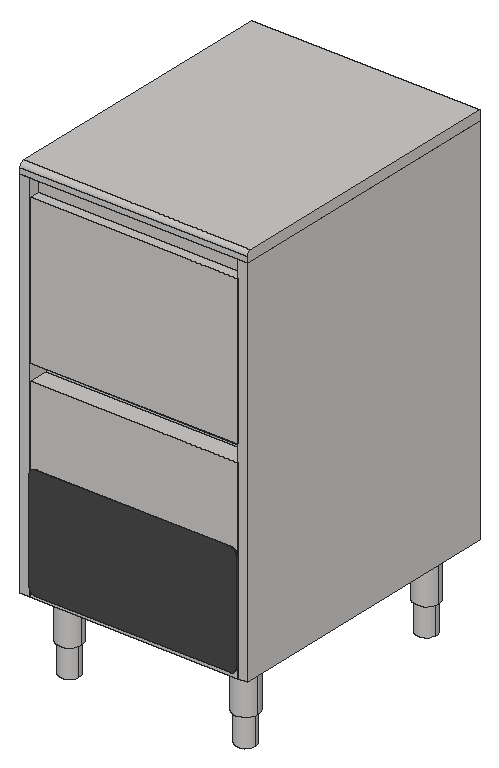
Revit family "QF_ZANUSSI_730331_ICC38I20SNP", category Attrezzature speciali, Revit 2018
Family settings
  Quota connettore circolare = Usa diametro
  Tipo di parte = Normale
  Basato su piano di lavoro = No
  Sempre verticale = Sì
  Taglio con vuoti quando caricato = No
  Condiviso = No
  Punto di calcolo locali = No
Parameters (values of type "Standard")
  Weight = 45.00 kg
  Watts = 0 W
  Volts = 220 V
  URL Manufacturer = "http://www.zanussiprofessional.com"
  URL = "http://www.zanussiprofessional.com"
  Steam Supply Size = 0 mm
  Steam Supply Minimum Pressure = 0.0 Pa
  Steam Supply Maximum Pressure = 0.0 Pa
  Steam Pounds per Hour = 0
  Show Logo [instance] = yes
  Show Clearance [instance] = yes
  Refrigeration Suction Line Size = 0 mm
  Refrigeration Liquid Line Size = 0 mm
  Refrigerant Compressor Remote = yes
  Produttore = "Zanussi"
  Phase = 1
  Modello = "ICC38I20SNP"
  Length Actual = 465 mm  # constant formula
  Item Number = "730331"
  Hot Water Size = 0 mm
  Height Actual = 894 mm  # constant formula
  HP = "0 HP"
  Gas Size = 0 mm
  Gas KW = 0
  Gas Input Pressure = 0 W
  Descrizione = "WATER COOLED ICE CUBER 40GR 38KG/24H-BIN 20KG"
  Depth Actual = 595 mm  # constant formula
  Cycle = 50 Hz
  Condensate Return Size = 0 mm
  Compressed Air Volume = 0.0 L/s
  Compressed Air Size = 0 mm
  Compressed Air Pressure = 0.0 Pa
  Cold Water Size = 19.05 mm
  Accessory = yes
Reference planes
  plane 1 "Center X": y = 272.851
  plane 2: z = 0
  plane 3 "Center Y": x = -501.5
  plane 4 "LEFT": x = -734
  plane 5 "RIGHT": x = -269
  plane 6 "FRONT": y = -24.149
  plane 7 "BACK": y = 569.851
  plane 8: z = 155
  plane 9: z = 944
  plane 10: z = 924
  plane 11: x = -714
  plane 12: x = -289
  plane 13: y = 15.851
Forms (mm)
  Extrusion 1, solid, material "QF_Finishes_Black"
    sketch origin (-217.296, -24.149, 371.513) x (-1, 0, 0) y (0, 0, -1)
      loop
        arc (481.704, -21.487) -> (492.311, -17.093) -> (496.704, -6.487) r 15
        line (496.704, -6.487) -> (496.704, 194.469)
        arc (496.704, 194.469) -> (492.311, 205.075) -> (481.704, 209.469) r 15
        line (481.704, 209.469) -> (86.704, 209.469)
        arc (86.704, 209.469) -> (76.097, 205.075) -> (71.704, 194.469) r 15
        line (71.704, 194.469) -> (71.704, -6.487)
        arc (71.704, -6.487) -> (76.097, -17.093) -> (86.704, -21.487) r 15
        line (86.704, -21.487) -> (481.704, -21.487)
    from 0 to 2
  Extrusion 2, solid, material "QF_Finishes_Stainless Steel"
    sketch origin (-501.5, 0, 0) x (0, 1, 0) y (0, 0, 1)
      loop
        line (569.851, 924) -> (569.851, 944) -> (-14.149, 944)
        arc (-14.149, 944) -> (-21.22, 941.071) -> (-24.149, 934) r 10
        line (-24.149, 934) -> (-24.149, 924) -> (569.851, 924)
    from -232.5 to 232.5
  Extrusion 3, solid, material "QF_Finishes_Stainless Steel"
    sketch origin (-321.2, 569.851, -329.545) x (1, 0, 0) y (0, 0, -1)
      loop
        circle (-16.8, -655.545) r 10
    from 0 to 10
  Extrusion 4, solid, material "QF_Finishes_Stainless Steel"
    sketch origin (0, 0, 0) x (1, 0, 0) y (0, 1, 0)
      loop
        line (-734, 569.851) -> (-734, -24.149) -> (-714, -24.149) -> (-714, 569.851) -> (-734, 569.851)
    from 155 to 924
  Extrusion 5, solid, material "QF_Finishes_Stainless Steel"
    sketch origin (0, 0, 0) x (1, 0, 0) y (0, 1, 0)
      loop
        line (-289, 569.851) -> (-289, -24.149) -> (-269, -24.149) -> (-269, 569.851) -> (-289, 569.851)
    from 155 to 924
  Extrusion 6, solid, material "QF_Finishes_Stainless Steel"
    sketch origin (0, 0, 0) x (1, 0, 0) y (0, 1, 0)
      loop
        line (-714, 569.851) -> (-714, 15.851) -> (-289, 15.851) -> (-289, 569.851) -> (-714, 569.851)
    from 155 to 924
  Extrusion 7, solid, material "QF_Finishes_Stainless Steel"
    sketch origin (0, 0, 0) x (1, 0, 0) y (0, 1, 0)
      loop
        line (-714, -24.149) -> (-289, -24.149) -> (-289, 15.851) -> (-714, 15.851) -> (-714, -24.149)
    from 155 to 550.848
  Extrusion 8, solid, material "QF_Finishes_Stainless Steel"
    sketch origin (-501.5, 0, 0) x (0, 1, 0) y (0, 0, 1)
      loop
        line (15.851, 924) -> (-4.149, 924) -> (-4.149, 888) -> (-24.149, 888) -> (-24.149, 584.768) -> (-4.149, 584.768) -> (-4.149, 569) -> (15.851, 569) -> (15.851, 924)
    from -212.5 to 212.5
  Extrusion 9, solid, material "QF_Finishes_Stainless Steel"
    sketch origin (-303.2, 569.851, -440.545) x (1, 0, 0) y (0, 0, -1)
      loop
        circle (-16.8, -655.545) r 10
    from 0 to 10
  Extrusion 10, solid, material "QF_Finishes_Stainless Steel"
    sketch origin (-363.2, 569.851, -361.545) x (1, 0, 0) y (0, 0, -1)
      loop
        circle (-16.8, -655.545) r 10
    from 0 to 10
Lines and regions (mm)
  Split face 1
    outline origin (-501.5, -4.149, 924) x (0, 0, -1) y (1, 0, 0)
      loop
        line (5.715, 89.928) -> (30.715, 89.928) -> (30.715, 129.928) -> (5.715, 129.928) -> (5.715, 89.928)
  symbolic lines
    curve 1: line (-734, 569.851, 0) -> (-269, 569.851, 0)
    curve 2: line (-734, -24.149, 0) -> (-734, 569.851, 0)
    curve 3: line (-269, -24.149, 0) -> (-734, -24.149, 0)
    curve 4: line (-269, 569.851, 0) -> (-269, -24.149, 0)
Dimensions and locks
  equal spacing: plane 4 "LEFT", plane 3 "Center Y", plane 5 "RIGHT"
  plane 4 "LEFT" to plane 5 "RIGHT" = 465 mm
  equal spacing: plane 7 "BACK", plane 1 "Center X", plane 6 "FRONT"
  plane 7 "BACK" to plane 6 "FRONT" = 594 mm
  plane 8 to plane 2 = 155 mm
  plane 9 to plane 8 = 789 mm
  locked: plane 4 "LEFT" to plane 11 at 20
  locked: plane 12 to plane 5 "RIGHT" at 20
  locked: plane 9 to plane 10 at 20
  locked: plane 13 to plane 6 "FRONT" at 40
  aligned and locked: level to plane 2
  aligned and locked: plane 5 "RIGHT" to Extrusion 2
  aligned and locked: Extrusion 2 to plane 4 "LEFT"
  aligned and locked: Extrusion 4 sketch curve to Extrusion 2  (x2)
  aligned and locked: plane 6 "FRONT" to Extrusion 4 sketch curve
  aligned and locked: Extrusion 4 sketch curve to plane 11
  aligned and locked: Extrusion 5 sketch curve to plane 7 "BACK"
  aligned and locked: plane 12 to Extrusion 5 sketch curve
  aligned and locked: Extrusion 5 sketch curve to Extrusion 2  (x2)
  aligned and locked: plane 10 to Extrusion 4
  aligned and locked: plane 10 to Extrusion 5
  aligned and locked: Extrusion 4 to plane 8
  aligned and locked: Extrusion 5 to plane 8
  aligned and locked: Extrusion 6 sketch curve to Extrusion 4
  aligned and locked: Extrusion 4 to Extrusion 6 sketch curve
  aligned and locked: plane 13 to Extrusion 6 sketch curve
  aligned and locked: Extrusion 6 sketch curve to plane 12
  aligned and locked: plane 10 to Extrusion 6
  aligned and locked: Extrusion 6 to plane 8
  aligned and locked: Extrusion 4 to Extrusion 7 sketch curve
  aligned and locked: Extrusion 7 sketch curve to Extrusion 4
  aligned and locked: plane 13 to Extrusion 7 sketch curve
  aligned and locked: plane 12 to Extrusion 7 sketch curve
  aligned and locked: Extrusion 7 to plane 8
  aligned and locked: plane 12 to Extrusion 8
  aligned and locked: Extrusion 8 to plane 11
Automatic sketch dimensions
  curve 3 to plane 4 "LEFT" = 0 mm
  curve 3 to plane 5 "RIGHT" = 0 mm
  curve 3 to plane 6 "FRONT" = 0 mm
  curve 2 to plane 7 "BACK" = 0 mm
  Extrusion 1 sketch curve to plane 12 = 0 mm
  plane 8 to Extrusion 1 sketch curve = 7.044 mm
  Extrusion 1 sketch curve to Extrusion 1 sketch curve = 15 mm  (x3)
  plane 11 to Extrusion 1 sketch curve = 15 mm  (x2)
  Extrusion 1 sketch curve to Extrusion 1 sketch curve = 200.956 mm
  Extrusion 2 sketch curve to plane 6 "FRONT" = 0 mm
  Extrusion 2 sketch curve to plane 9 = 0 mm
  Extrusion 2 sketch curve to plane 7 "BACK" = 0 mm
  Extrusion 2 sketch curve to plane 10 = 0 mm
  plane 6 "FRONT" to Extrusion 2 sketch curve = 10 mm
  Extrusion 6 to Extrusion 3 sketch curve = 171 mm
  Extrusion 3 sketch curve to Extrusion 6 = 49 mm
  Extrusion 8 sketch curve to plane 6 "FRONT" = 0 mm
  Extrusion 8 sketch curve to plane 10 = 0 mm
  Extrusion 8 sketch curve to plane 13 = 0 mm
  plane 6 "FRONT" to Extrusion 8 sketch curve = 20 mm  (x2)
  Extrusion 8 sketch curve to plane 10 = 36 mm
  Extrusion 8 sketch curve to Extrusion 8 sketch curve = 303.232 mm
  Extrusion 8 sketch curve to Extrusion 8 sketch curve = 15.768 mm
  Split face 1 sketch curve to Extrusion 8 = 5.715 mm
  Extrusion 8 to Split face 1 sketch curve = 5.285 mm
  Split face 1 sketch curve to Extrusion 8 = 122.572 mm
  Split face 1 sketch curve to Split face 1 sketch curve = 40 mm
  Extrusion 9 sketch curve to Extrusion 6 = 31 mm
  Extrusion 6 to Extrusion 9 sketch curve = 60 mm
  Extrusion 10 sketch curve to Extrusion 6 = 91 mm
  Extrusion 6 to Extrusion 10 sketch curve = 139 mm
  radius of Extrusion 3 sketch curve = 10 mm
  radius of Extrusion 9 sketch curve = 10 mm
  radius of Extrusion 10 sketch curve = 10 mm
Nested families
  nested 1: "Foot_Complete" at (-682, 36.851, 0), type "Foot_Complete"
    with H 155 mm
  nested 2: "Foot_Complete" at (-321, 36.851, 0) x (-1, 0, 0) z (0, 0, 1), type "Foot_Complete"
    with H 155 mm
  nested 3: "Foot_Complete" at (-682, 498.851, 0), type "Foot_Complete"
    with H 155 mm
  nested 4: "Foot_Complete" at (-321, 498.851, 0) x (-1, 0, 0) z (0, 0, 1), type "Foot_Complete"
    with H 155 mm
Connectors
  electrical at (-320, 579.851, 215), driven by "Volts"
    settings: on Extrusion 9, index 1, voltage 220 V, apparent load 0 VA, apparent load phase1 0 VA, apparent load phase2 0 VA, apparent load phase3 0 VA, power factor 1, load classification "Altro", number of poles 1, system type 30, power factor state 1, is connector primary yes, connector utility no, sub classification motor no, connector description "Electrical Connection"
  piping at (-338, 579.851, 326), diameter 20
    settings: on Extrusion 3, index 2, connector inside diameter 609.6 mm, connector length 0 mm, flow factor 0, pipe flow 0.0 L/s, pressure drop 0.0 Pa, fitting loss kfactor 0, connector angle 0.00°, fixture units 0, engagement length 0 mm, angle of deflection 0.00°, flow configuration 0, flow direction 0, fitting loss method 0, system type 20, joint type 0, gender type 0, connector reference index -1, connector utility 0, adjustable connector no, is connector primary yes, connector description "Cold water"
  piping at (-380, 579.851, 294), diameter 20
    settings: on Extrusion 10, index 3, connector inside diameter 609.6 mm, connector length 0 mm, flow factor 0, pipe flow 0.0 L/s, pressure drop 0.0 Pa, fitting loss kfactor 0, connector angle 0.00°, fixture units 0, engagement length 0 mm, angle of deflection 0.00°, flow configuration 0, flow direction 0, fitting loss method 0, system type 16, joint type 0, gender type 0, connector reference index -1, connector utility 0, adjustable connector no, is connector primary no, connector description "Drain"
Definition of nested family "Foot_Complete"
  Parameters (values of type "Foot_Complete")
    R = 25 mm
    H = 153 mm
  Reference planes
    plane 1 "Centro (Fronte/Retro)": y = 0
    plane 2: z = 0
    plane 3 "Centro (Sinistra/Destra)": x = 0
    plane 4: z = 153
  Forms (mm)
    Revolve 1, solid
      sketch origin (255.05, 0, 608.09) x (0, 0, 1) y (-1, 0, 0)
        loop
          line (-608.09, 255.05) -> (-608.09, 235.05) -> (-548.09, 235.05) -> (-548.09, 230.05) -> (-455.09, 230.05) -> (-455.09, 255.05) -> (-608.09, 255.05)
        axis (-608.09, 255.05) -> (-455.09, 255.05)
      angle from 0 to 360
  Dimensions and locks
    level to Revolve 1 sketch curve = 60 mm
    "R": Revolve 1 sketch curve to plane 3 "Centro (Sinistra/Destra)"
    "H": plane 4 to level
    aligned and locked: level to plane 2
    aligned and locked: plane 4 to Revolve 1 sketch curve
    aligned and locked: Revolve 1 sketch curve to level
    aligned and locked: plane 3 "Centro (Sinistra/Destra)" to Revolve 1 sketch curve
  Automatic sketch dimensions
    Revolve 1 sketch curve to plane 3 "Centro (Sinistra/Destra)" = 0 mm
    plane 3 "Centro (Sinistra/Destra)" to Revolve 1 sketch curve = 20 mm
    Revolve 1 sketch curve to Revolve 1 sketch curve = 50 mm
    Revolve 1 sketch curve to Revolve 1 sketch curve = 20 mm
